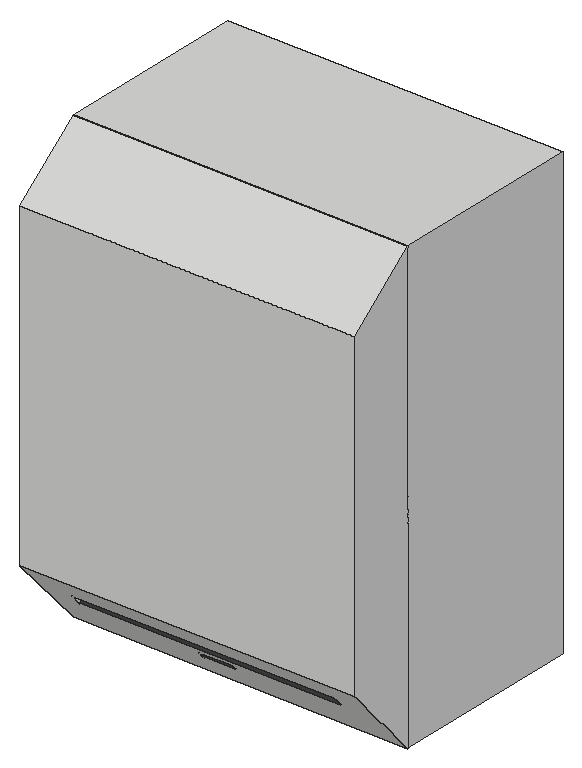
Revit family "DPDR0052_REVIT", category Generic Models, Revit 2017
Family settings
  Can host rebar = No
  Round Connector Dimension = Use Diameter
  Part Type = Normal
  Work Plane-Based = Yes
  Always vertical = Yes
  Cut with Voids When Loaded = No
  Shared = No
  Room Calculation Point = No
Parameters
  Website = "https://dolphy.in/"  # constant formula
  Model = "DPDR0052"  # constant formula
  Default Elevation = 1219.2 mm
  Contact number = "+91 9520202035"  # constant formula
  Contact email = "info@dolphy.in"  # constant formula
  Company name = "Dolphy India"  # constant formula
Reference planes
  plane 1 "Center (Front/Back)": y = 0
  plane 2: z = 0
  plane 3 "Center (Left/Right)": x = 0
Forms (mm)
  Extrusion 1, solid, material "Stainles steel"
    sketch origin (-68.383, 0, 0.105) x (1, 0, 0) y (0, 0, 1)
      loop
        line (-75, 390) -> (-75, 0) -> (215, 0) -> (215, 390) -> (-75, 390)
    from 0 to 167.449
  Extrusion 2, solid, material "Stainles steel"
    sketch origin (-123.383, 0, 0.105) x (0, 1, 0) y (0, 0, 1)
      loop
        line (-167.449, 390) -> (-225, 345) -> (-225, 65) -> (-167.449, 0) -> (-167.449, 390)
    from -20 to 270
  Extrusion 3, void
    sketch origin (-123.383, 0, 0.105) x (1, 0, 0) y (0, 0, 1)
      loop
        spline (112, 30.995) -> (111.681, 30.981) -> (111.389, 30.939) -> (111.125, 30.87) -> (110.889, 30.772) -> (110.681, 30.647) -> (110.5, 30.495) -> (110.347, 30.314) -> (110.222, 30.106) -> (110.125, 29.87) -> (110.056, 29.606) -> (110.014, 29.314) -> (110, 28.995)
        line (110, 28.995) -> (110, 25.764)
        spline (110, 25.764) -> (110.014, 25.445) -> (110.056, 25.153) -> (110.125, 24.889) -> (110.222, 24.653) -> (110.347, 24.445) -> (110.5, 24.264) -> (110.681, 24.112) -> (110.889, 23.987) -> (111.125, 23.889) -> (111.389, 23.82) -> (111.681, 23.778) -> (112, 23.764)
        line (112, 23.764) -> (138, 23.764)
        spline (138, 23.764) -> (138.319, 23.778) -> (138.611, 23.82) -> (138.875, 23.889) -> (139.111, 23.987) -> (139.319, 24.112) -> (139.5, 24.264) -> (139.653, 24.445) -> (139.778, 24.653) -> (139.875, 24.889) -> (139.944, 25.153) -> (139.986, 25.445) -> (140, 25.764)
        line (140, 25.764) -> (140, 28.995)
        spline (140, 28.995) -> (139.986, 29.314) -> (139.944, 29.606) -> (139.875, 29.87) -> (139.778, 30.106) -> (139.653, 30.314) -> (139.5, 30.495) -> (139.319, 30.647) -> (139.111, 30.772) -> (138.875, 30.87) -> (138.611, 30.939) -> (138.319, 30.981) -> (138, 30.995)
        line (138, 30.995) -> (112, 30.995)
    from 180.559 to 195.909
  Extrusion 4, void
    sketch origin (-123.383, 0, 0.105) x (1, 0, 0) y (0, 0, 1)
      loop
        spline (11.215, 45.661) -> (11.058, 45.643) -> (10.912, 45.613) -> (10.775, 45.572) -> (10.649, 45.518) -> (10.532, 45.454) -> (10.426, 45.377) -> (10.33, 45.289) -> (10.244, 45.189) -> (10.168, 45.077) -> (10.102, 44.954) -> (10.046, 44.819) -> (10, 44.673)
        line (10, 44.673) -> (10, 35.83)
        spline (10, 35.83) -> (10.046, 35.684) -> (10.102, 35.549) -> (10.168, 35.426) -> (10.244, 35.315) -> (10.33, 35.215) -> (10.426, 35.127) -> (10.532, 35.05) -> (10.648, 34.985) -> (10.775, 34.932) -> (10.911, 34.891) -> (11.058, 34.861) -> (11.214, 34.843)
        line (11.214, 34.843) -> (238.786, 34.843)
        spline (238.786, 34.843) -> (238.942, 34.861) -> (239.089, 34.891) -> (239.225, 34.932) -> (239.352, 34.985) -> (239.468, 35.05) -> (239.574, 35.127) -> (239.67, 35.215) -> (239.756, 35.315) -> (239.832, 35.426) -> (239.898, 35.549) -> (239.954, 35.684) -> (240, 35.83)
        line (240, 35.83) -> (240, 44.673)
        spline (240, 44.673) -> (239.954, 44.819) -> (239.898, 44.954) -> (239.832, 45.077) -> (239.756, 45.189) -> (239.67, 45.289) -> (239.574, 45.377) -> (239.468, 45.454) -> (239.351, 45.518) -> (239.225, 45.572) -> (239.088, 45.613) -> (238.942, 45.643) -> (238.785, 45.661)
        line (238.785, 45.661) -> (11.215, 45.661)
    from 188.529 to 208.199
  Extrusion 5, solid, material "Black"
    sketch origin (-123.383, 0, 0.105) x (1, 0, 0) y (0, 0, 1)
      loop
        spline (11.215, 45.661) -> (11.058, 45.643) -> (10.912, 45.613) -> (10.775, 45.572) -> (10.649, 45.518) -> (10.532, 45.454) -> (10.426, 45.377) -> (10.33, 45.289) -> (10.244, 45.189) -> (10.168, 45.077) -> (10.102, 44.954) -> (10.046, 44.819) -> (10, 44.673)
        line (10, 44.673) -> (10, 35.83)
        spline (10, 35.83) -> (10.046, 35.684) -> (10.102, 35.549) -> (10.168, 35.426) -> (10.244, 35.315) -> (10.33, 35.215) -> (10.426, 35.127) -> (10.532, 35.05) -> (10.648, 34.985) -> (10.775, 34.932) -> (10.911, 34.891) -> (11.058, 34.861) -> (11.214, 34.843)
        line (11.214, 34.843) -> (238.786, 34.843)
        spline (238.786, 34.843) -> (238.942, 34.861) -> (239.089, 34.891) -> (239.225, 34.932) -> (239.352, 34.985) -> (239.468, 35.05) -> (239.574, 35.127) -> (239.67, 35.215) -> (239.756, 35.315) -> (239.832, 35.426) -> (239.898, 35.549) -> (239.954, 35.684) -> (240, 35.83)
        line (240, 35.83) -> (240, 44.673)
        spline (240, 44.673) -> (239.954, 44.819) -> (239.898, 44.954) -> (239.832, 45.077) -> (239.756, 45.189) -> (239.67, 45.289) -> (239.574, 45.377) -> (239.468, 45.454) -> (239.351, 45.518) -> (239.225, 45.572) -> (239.088, 45.613) -> (238.942, 45.643) -> (238.785, 45.661)
        line (238.785, 45.661) -> (11.215, 45.661)
    from 167.449 to 198.199
  Extrusion 6, solid, material "Black"
    sketch origin (-123.383, 0, 0.105) x (1, 0, 0) y (0, 0, 1)
      loop
        spline (112, 30.995) -> (111.681, 30.981) -> (111.389, 30.939) -> (111.125, 30.87) -> (110.889, 30.772) -> (110.681, 30.647) -> (110.5, 30.495) -> (110.347, 30.314) -> (110.222, 30.106) -> (110.125, 29.87) -> (110.056, 29.606) -> (110.014, 29.314) -> (110, 28.995)
        line (110, 28.995) -> (110, 25.764)
        spline (110, 25.764) -> (110.014, 25.445) -> (110.056, 25.153) -> (110.125, 24.889) -> (110.222, 24.653) -> (110.347, 24.445) -> (110.5, 24.264) -> (110.681, 24.112) -> (110.889, 23.987) -> (111.125, 23.889) -> (111.389, 23.82) -> (111.681, 23.778) -> (112, 23.764)
        line (112, 23.764) -> (138, 23.764)
        spline (138, 23.764) -> (138.319, 23.778) -> (138.611, 23.82) -> (138.875, 23.889) -> (139.111, 23.987) -> (139.319, 24.112) -> (139.5, 24.264) -> (139.653, 24.445) -> (139.778, 24.653) -> (139.875, 24.889) -> (139.944, 25.153) -> (139.986, 25.445) -> (140, 25.764)
        line (140, 25.764) -> (140, 28.995)
        spline (140, 28.995) -> (139.986, 29.314) -> (139.944, 29.606) -> (139.875, 29.87) -> (139.778, 30.106) -> (139.653, 30.314) -> (139.5, 30.495) -> (139.319, 30.647) -> (139.111, 30.772) -> (138.875, 30.87) -> (138.611, 30.939) -> (138.319, 30.981) -> (138, 30.995)
        line (138, 30.995) -> (112, 30.995)
    from 167.449 to 188.529
Cuts and joins
  Extrusion 3, Extrusion 4 cuts Extrusion 2
  Extrusion 4 cuts Extrusion 1
Dimensions and locks
  aligned and locked: level to plane 2
